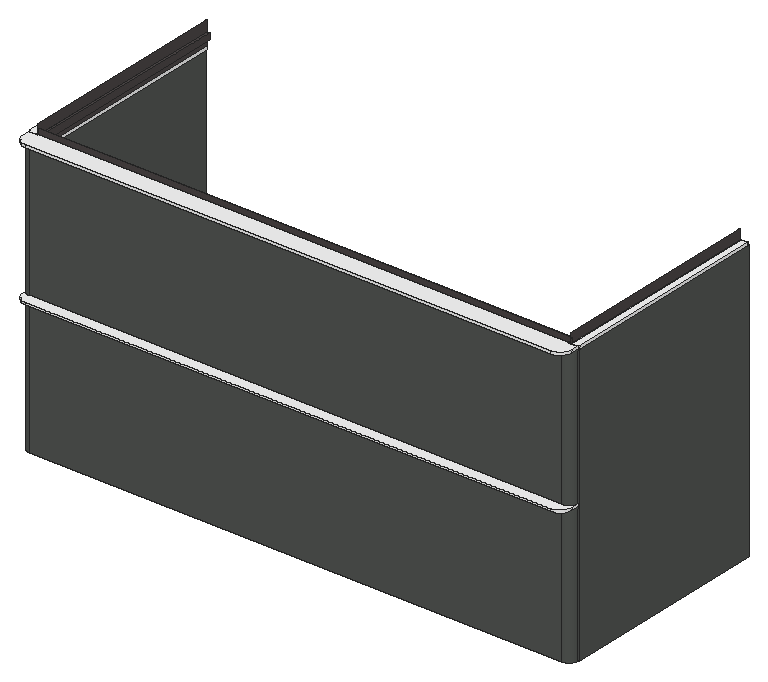
Revit family "vanity unit with 2 drawers", category Furniture, Revit 2019 (continued)
Definition of nested family "vanity unit 580_475 with 2 drawers for washbasin-54026000-dark walnut-chrome-400_content"
  Parameters (values of type "Vanity unit 580_475 with 2 drawers for washbasin-54026000-Dark Walnut-CHROME-400_Content")
    UNIFORMATII = "E2010 | Fixed Furnishings"
    UNICLASS_2015_CODE = "40_30_78_05"
    UNICLASS2015 = "Pr_40_30_78_05 | Bathroom furniture"
    SURFACE = "CHROME"
    REGIONSET = "Worldwide"
    PRODUCTURL = "https://pro.hansgrohe.com/articledetail--54026000"
    PRODUCTGROUP = "vanity unit"
    PRODUCTFAMILY = "Xelu Q"
    PERMALINK = "54026XXX"
    OMNICLASS = "23-21 19 15 33 13 | Residential Bathroom Specialty Casework"
    OBJECTTYPE = "Object (single object)"
    OBERFLAECHE = "Dark Walnut"
    NN = "Vanity Unit with 2 Drawers"
    NBSYN = "$BASENUMBER.-$ARTNR.-$OBERFLAECHE.-$SURFACE.-$LODLEVEL."
    NB = "Vanity unit 580/475 with 2 drawers for washbasin-54026000-Dark Walnut-CHROME-400"
    NAME = "Xelu Q Vanity unit Dark Walnut 580/475 with 2 drawers for washbasin"
    Model = "Vanity unit 580/475 with 2 drawers for washbasin-54026000-Dark Walnut-CHROME-400"
    Manufacturer = "Hansgrohe"
    MASTERFORMAT = "12 35 30.23 | Bathroom Casework"
    LODLEVEL = "400"
    LINA = "Vanity unit 580/475 with 2 drawers for washbasin-54026000-Dark Walnut-CHROME-400"
    L = 580
    IFC = "Furnishing element"
    GTINCODE = "4059625455579"
    ETIM = "EC011381 | Bathroom furniture set"
    Default Elevation = 1219.2 mm
    DESIGN = "Germany"
    ContentVisible [instance] = yes
    CATALOG = "Hansgrohe"
    BIMOBJECT = "Sanitary: Compound units"
    BASENUMBER = "Vanity unit 580/475 with 2 drawers for washbasin"
    ARTNR = "54026000"
  Reference planes
    plane 1 "Center (Front/Back)": y = 0
    plane 2: z = 0
    plane 3 "Center (Left/Right)": x = 0
  Forms (mm)
    Extrusion 1, solid, visible <- "ContentVisible", detail levels medium+fine
      sketch origin (0, 0, 0) x (1, 0, 0) y (0, 1, 0)
        loop
          line (-290, 0) -> (-290, -452)
          arc (-290, -452) -> (-289.121, -454.121) -> (-287, -455) r 3
          line (-287, -455) -> (-274, -455) -> (-274, 0) -> (-290, 0)
      from 0 to 600
    Extrusion 2, solid, visible <- "ContentVisible", detail levels medium+fine
      sketch origin (0, 0, 2) x (1, 0, 0) y (0, 1, 0)
        loop
          line (-274, -88) -> (-274, -455) -> (274, -455) -> (274, -88) -> (-274, -88)
      from 0 to 16
    Extrusion 3, solid, visible <- "ContentVisible", detail levels medium+fine
      sketch origin (0, 0, 0) x (1, 0, 0) y (0, 1, 0)
        loop
          line (274, 0) -> (274, -455) -> (287, -455)
          arc (287, -455) -> (289.121, -454.121) -> (290, -452) r 3
          line (290, -452) -> (290, 0) -> (274, 0)
      from 0 to 600
    Extrusion 4, solid, visible <- "ContentVisible", detail levels medium+fine
      sketch origin (0, 0, 2) x (1, 0, 0) y (0, 1, 0)
        loop
          line (-274, -72) -> (-274, -88) -> (274, -88) -> (274, -72) -> (-274, -72)
      from 0 to 126
    Extrusion 5, solid, visible <- "ContentVisible", detail levels medium+fine
      sketch origin (0, 0, 2) x (1, 0, 0) y (0, 1, 0)
        loop
          arc (-290, -457) -> (-284.435, -470.435) -> (-271, -476) r 19
          line (-271, -476) -> (271, -476)
          arc (271, -476) -> (284.435, -470.435) -> (290, -457) r 19
          line (290, -457) -> (290, -455) -> (-290, -455) -> (-290, -457)
      from 0 to 295
    Extrusion 6, solid, visible <- "ContentVisible", detail levels medium+fine
      sketch origin (0, 0, 305) x (1, 0, 0) y (0, 1, 0)
        loop
          arc (-290, -457) -> (-284.435, -470.435) -> (-271, -476) r 19
          line (-271, -476) -> (271, -476)
          arc (271, -476) -> (284.435, -470.435) -> (290, -457) r 19
          line (290, -457) -> (290, -455) -> (-290, -455) -> (-290, -457)
      from 0 to 295
    Extrusion 7, solid, visible <- "ContentVisible", detail levels medium+fine
      sketch origin (0, 0, 297) x (1, 0, 0) y (0, 1, 0)
        loop
          line (-288.5, -455) -> (-288.5, -471)
          arc (-288.5, -471) -> (-281.178, -488.678) -> (-263.5, -496) r 25
          line (-263.5, -496) -> (263.5, -496)
          arc (263.5, -496) -> (281.178, -488.678) -> (288.5, -471) r 25
          line (288.5, -471) -> (288.5, -455) -> (268.5, -455) -> (268.5, -453.5) -> (-268.5, -453.5) -> (-268.5, -455) -> (-288.5, -455)
      from 0 to 5
    Extrusion 8, solid, visible <- "ContentVisible", detail levels medium+fine
      sketch origin (0, 0, 0) x (0, 0, -1) y (0, 1, 0)
        loop
          line (-297, -453.5) -> (-297, -455) -> (-267, -455) -> (-267, -453.5) -> (-297, -453.5)
      from -268.5 to 268.5
    Extrusion 9, solid, visible <- "ContentVisible", detail levels medium+fine
      sketch origin (0, 0, 600) x (1, 0, 0) y (0, 1, 0)
        loop
          line (-288.5, -455) -> (-288.5, -471)
          arc (-288.5, -471) -> (-281.178, -488.678) -> (-263.5, -496) r 25
          line (-263.5, -496) -> (263.5, -496)
          arc (263.5, -496) -> (281.178, -488.678) -> (288.5, -471) r 25
          line (288.5, -471) -> (288.5, -455) -> (268.5, -455) -> (268.5, -453.5) -> (-268.5, -453.5) -> (-268.5, -455) -> (-288.5, -455)
      from 0 to 5
    Extrusion 10, solid, visible <- "ContentVisible", detail levels medium+fine
      sketch origin (0, 0, 0) x (0, 0, -1) y (0, 1, 0)
        loop
          line (-600, -453.5) -> (-600, -455) -> (-570, -455) -> (-570, -453.5) -> (-600, -453.5)
      from -268.5 to 268.5
    Extrusion 11, solid, visible <- "ContentVisible", detail levels medium+fine
      sketch origin (0, 0, 0) x (1, 0, 0) y (0, 0, -1)
        loop
          line (-274, -566.8) -> (-274, -605) -> (-272.5, -605) -> (-272.5, -566.8) -> (-274, -566.8)
      from -455 to 0
    Extrusion 12, solid, visible <- "ContentVisible", detail levels medium+fine
      sketch origin (0, 0, 0) x (1, 0, 0) y (0, 0, -1)
        loop
          line (272.5, -566.8) -> (272.5, -605) -> (274, -605) -> (274, -566.8) -> (272.5, -566.8)
      from -455 to 0
    Extrusion 13, solid, visible <- "ContentVisible", detail levels medium+fine
      sketch origin (0, 0, 600) x (1, 0, 0) y (0, 1, 0)
        loop
          line (-290, -3) -> (-290, -452)
          arc (-290, -452) -> (-289.121, -454.121) -> (-287, -455) r 3
          line (-287, -455) -> (-274, -455) -> (-274, 0) -> (-287, 0)
          arc (-287, 0) -> (-289.121, -0.879) -> (-290, -3) r 3
      from 0 to 5
    Extrusion 14, solid, visible <- "ContentVisible", detail levels medium+fine
      sketch origin (0, 0, 600) x (1, 0, 0) y (0, 1, 0)
        loop
          line (274, 0) -> (274, -455) -> (287, -455)
          arc (287, -455) -> (289.121, -454.121) -> (290, -452) r 3
          line (290, -452) -> (290, -3)
          arc (290, -3) -> (289.121, -0.879) -> (287, 0) r 3
          line (287, 0) -> (274, 0)
      from 0 to 5
    Extrusion 15, solid, visible <- "ContentVisible", detail levels medium+fine
      sketch origin (0, 0, 0) x (1, 0, 0) y (0, 0, -1)
        loop
          line (-272.5, -575.3) -> (-272.5, -624.5) -> (-271, -624.5) -> (-271, -602.8) -> (-266.4, -602.8) -> (-266.4, -588.3) -> (-271, -588.3) -> (-271, -575.3) -> (-272.5, -575.3)
      from -453.5 to 0
    Extrusion 16, solid, visible <- "ContentVisible", detail levels medium+fine
      sketch origin (0, 0, 0) x (1, 0, 0) y (0, 0, -1)
        loop
          line (266.4, -588.3) -> (266.4, -602.8) -> (271, -602.8) -> (271, -624.5) -> (272.5, -624.5) -> (272.5, -575.3) -> (271, -575.3) -> (271, -588.3) -> (266.4, -588.3)
      from -453.5 to 0
    Extrusion 17, solid, visible <- "ContentVisible", detail levels medium+fine
      sketch origin (0, 0, 0) x (0, 0, -1) y (0, 1, 0)
        loop
          line (-616, -453.5) -> (-567, -453.5) -> (-567, -452) -> (-588.5, -452) -> (-588.5, -447.4) -> (-603, -447.4) -> (-603, -452) -> (-616, -452) -> (-616, -453.5)
      from -272.5 to 272.5
    Extrusion 18, solid, visible <- "ContentVisible", detail levels coarse
      sketch origin (0, -248, 0) x (1, 0, 0) y (0, 1, 0)
        loop
          line (-290, -248) -> (290, -248) -> (290, 248) -> (-290, 248) -> (-290, -248)
      from 0 to 624.5
  Dimensions and locks
    aligned and locked: level to plane 2
Definition of nested family "vanity unit 580_475 with 2 drawers for washbasin-54026670-dark walnut-matt_black-200_content"
  Parameters (values of type "Vanity unit 580_475 with 2 drawers for washbasin-54026670-Dark Walnut-MATT_BLACK-200_Content")
    etim7_EC011381 = "EC011381"
    WEIGHT = "28.2"
    UNSPSC = "56 | Furniture and Furnishings"
    UNIFORMATII = "E2010 | Fixed Furnishings"
    UNICLASS_2015_CODE = "40_30_78_05"
    UNICLASS2015 = "Pr_40_30_78_05 | Bathroom furniture"
    SURFACE = "MATT_BLACK"
    REGIONSET = "Worldwide"
    PRODUCTURL = "https://pro.hansgrohe.com/articledetail--54026000"
    PRODUCTGROUP = "vanity unit"
    PRODUCTFAMILY = "Xelu Q"
    PERMALINK = "54026XXX"
    OMNICLASS = "23-21 19 15 33 13 | Residential Bathroom Specialty Casework"
    OBJECTTYPE = "Object (single object)"
    OBERFLAECHE = "Dark Walnut"
    NN = "Vanity Unit with 2 Drawers"
    NBSYN = "$BASENUMBER.-$ARTNR.-$OBERFLAECHE.-$SURFACE.-$LODLEVEL."
    NB = "Vanity unit 580/475 with 2 drawers for washbasin-54026670-Dark Walnut-MATT_BLACK-200"
    NAME = "Xelu Q Vanity unit Dark Walnut 580/475 with 2 drawers for washbasin"
    Model = "Vanity unit 580/475 with 2 drawers for washbasin-54026670-Dark Walnut-MATT_BLACK-200"
    Manufacturer = "Hansgrohe"
    MASTERFORMAT = "12 35 30.23 | Bathroom Casework"
    LODLEVEL = "200"
    LINA = "Vanity unit 580/475 with 2 drawers for washbasin-54026670-Dark Walnut-MATT_BLACK-200"
    L = 580
    IFC = "Furnishing element"
    GTINCODE = "4059625455579"
    ETIM = "EC011381 | Bathroom furniture set"
    Default Elevation = 1219.2 mm
    DESIGN = "Germany"
    ContentVisible [instance] = yes
    CATALOG = "Hansgrohe"
    BIMOBJECT = "Sanitary: Compound units"
    BASENUMBER = "Vanity unit 580/475 with 2 drawers for washbasin"
    ARTNR = "54026670"
  Reference planes
    plane 1 "Center (Front/Back)": y = 0
    plane 2: z = 0
    plane 3 "Center (Left/Right)": x = 0
  Forms (mm)
    Extrusion 1, solid, visible <- "ContentVisible", detail levels medium+fine
      sketch origin (0, 0, 0) x (1, 0, 0) y (0, 1, 0)
        loop
          line (-290, 0) -> (-290, -476) -> (290, -476) -> (290, 0) -> (274, 0) -> (274, -72) -> (-274, -72) -> (-274, 0) -> (-290, 0)
      from 0 to 600
    Extrusion 2, solid, visible <- "ContentVisible", detail levels medium+fine
      sketch origin (0, 0, 297) x (1, 0, 0) y (0, 1, 0)
        loop
          line (-288.5, -453.5) -> (-288.5, -496) -> (288.5, -496) -> (288.5, -453.5) -> (-288.5, -453.5)
      from 0 to 5
    Extrusion 3, solid, visible <- "ContentVisible", detail levels medium+fine
      sketch origin (0, 0, 600) x (1, 0, 0) y (0, 1, 0)
        loop
          line (-288.5, -453.5) -> (-288.5, -496) -> (288.5, -496) -> (288.5, -453.5) -> (-288.5, -453.5)
      from 0 to 5
    Extrusion 4, solid, visible <- "ContentVisible", detail levels medium+fine
      sketch origin (0, 0, 0) x (1, 0, 0) y (0, 0, -1)
        loop
          line (-274, -566.8) -> (-274, -605) -> (-272.5, -605) -> (-272.5, -566.8) -> (-274, -566.8)
      from -455 to 0
    Extrusion 5, solid, visible <- "ContentVisible", detail levels medium+fine
      sketch origin (0, 0, 0) x (1, 0, 0) y (0, 0, -1)
        loop
          line (272.5, -566.8) -> (272.5, -605) -> (274, -605) -> (274, -566.8) -> (272.5, -566.8)
      from -455 to 0
    Extrusion 6, solid, visible <- "ContentVisible", detail levels medium+fine
      sketch origin (0, 0, 600) x (1, 0, 0) y (0, 1, 0)
        loop
          line (-290, 0) -> (-290, -455) -> (-274, -455) -> (-274, 0) -> (-290, 0)
      from 0 to 5
    Extrusion 7, solid, visible <- "ContentVisible", detail levels medium+fine
      sketch origin (0, 0, 600) x (1, 0, 0) y (0, 1, 0)
        loop
          line (274, 0) -> (274, -455) -> (290, -455) -> (290, 0) -> (274, 0)
      from 0 to 5
    Extrusion 8, solid, visible <- "ContentVisible", detail levels medium+fine
      sketch origin (0, 0, 0) x (1, 0, 0) y (0, 0, -1)
        loop
          line (-272.5, -575.3) -> (-272.5, -624.5) -> (-266.4, -624.5) -> (-266.4, -575.3) -> (-272.5, -575.3)
      from -453.5 to 0
    Extrusion 9, solid, visible <- "ContentVisible", detail levels medium+fine
      sketch origin (0, 0, 0) x (1, 0, 0) y (0, 0, -1)
        loop
          line (266.4, -575.3) -> (266.4, -624.5) -> (272.5, -624.5) -> (272.5, -575.3) -> (266.4, -575.3)
      from -453.5 to 0
    Extrusion 10, solid, visible <- "ContentVisible", detail levels medium+fine
      sketch origin (0, 0, 0) x (0, 0, -1) y (0, 1, 0)
        loop
          line (-616, -453.5) -> (-567, -453.5) -> (-567, -447.4) -> (-616, -447.4) -> (-616, -453.5)
      from -272.5 to 272.5
    Extrusion 11, solid, visible <- "ContentVisible", detail levels coarse
      sketch origin (0, -248, 0) x (1, 0, 0) y (0, 1, 0)
        loop
          line (-290, -248) -> (290, -248) -> (290, 248) -> (-290, 248) -> (-290, -248)
      from 0 to 624.5
  Dimensions and locks
    aligned and locked: level to plane 2
Definition of nested family "vanity unit 580_475 with 2 drawers for washbasin-54026670-dark walnut-matt_black-400_content"
  Parameters (values of type "Vanity unit 580_475 with 2 drawers for washbasin-54026670-Dark Walnut-MATT_BLACK-400_Content")
    etim7_EC011381 = "EC011381"
    WEIGHT = "28.2"
    UNSPSC = "56 | Furniture and Furnishings"
    UNIFORMATII = "E2010 | Fixed Furnishings"
    UNICLASS_2015_CODE = "40_30_78_05"
    UNICLASS2015 = "Pr_40_30_78_05 | Bathroom furniture"
    SURFACE = "MATT_BLACK"
    REGIONSET = "Worldwide"
    PRODUCTURL = "https://pro.hansgrohe.com/articledetail--54026000"
    PRODUCTGROUP = "vanity unit"
    PRODUCTFAMILY = "Xelu Q"
    PERMALINK = "54026XXX"
    OMNICLASS = "23-21 19 15 33 13 | Residential Bathroom Specialty Casework"
    OBJECTTYPE = "Object (single object)"
    OBERFLAECHE = "Dark Walnut"
    NN = "Vanity Unit with 2 Drawers"
    NBSYN = "$BASENUMBER.-$ARTNR.-$OBERFLAECHE.-$SURFACE.-$LODLEVEL."
    NB = "Vanity unit 580/475 with 2 drawers for washbasin-54026670-Dark Walnut-MATT_BLACK-400"
    NAME = "Xelu Q Vanity unit Dark Walnut 580/475 with 2 drawers for washbasin"
    Model = "Vanity unit 580/475 with 2 drawers for washbasin-54026670-Dark Walnut-MATT_BLACK-400"
    Manufacturer = "Hansgrohe"
    MASTERFORMAT = "12 35 30.23 | Bathroom Casework"
    LODLEVEL = "400"
    LINA = "Vanity unit 580/475 with 2 drawers for washbasin-54026670-Dark Walnut-MATT_BLACK-400"
    L = 580
    IFC = "Furnishing element"
    GTINCODE = "4059625455579"
    ETIM = "EC011381 | Bathroom furniture set"
    Default Elevation = 1219.2 mm
    DESIGN = "Germany"
    ContentVisible [instance] = yes
    CATALOG = "Hansgrohe"
    BIMOBJECT = "Sanitary: Compound units"
    BASENUMBER = "Vanity unit 580/475 with 2 drawers for washbasin"
    ARTNR = "54026670"
  Reference planes
    plane 1 "Center (Front/Back)": y = 0
    plane 2: z = 0
    plane 3 "Center (Left/Right)": x = 0
  Forms (mm)
    Extrusion 1, solid, visible <- "ContentVisible", detail levels medium+fine
      sketch origin (0, 0, 0) x (1, 0, 0) y (0, 1, 0)
        loop
          line (-290, 0) -> (-290, -452)
          arc (-290, -452) -> (-289.121, -454.121) -> (-287, -455) r 3
          line (-287, -455) -> (-274, -455) -> (-274, 0) -> (-290, 0)
      from 0 to 600
    Extrusion 2, solid, visible <- "ContentVisible", detail levels medium+fine
      sketch origin (0, 0, 2) x (1, 0, 0) y (0, 1, 0)
        loop
          line (-274, -88) -> (-274, -455) -> (274, -455) -> (274, -88) -> (-274, -88)
      from 0 to 16
    Extrusion 3, solid, visible <- "ContentVisible", detail levels medium+fine
      sketch origin (0, 0, 0) x (1, 0, 0) y (0, 1, 0)
        loop
          line (274, 0) -> (274, -455) -> (287, -455)
          arc (287, -455) -> (289.121, -454.121) -> (290, -452) r 3
          line (290, -452) -> (290, 0) -> (274, 0)
      from 0 to 600
    Extrusion 4, solid, visible <- "ContentVisible", detail levels medium+fine
      sketch origin (0, 0, 2) x (1, 0, 0) y (0, 1, 0)
        loop
          line (-274, -72) -> (-274, -88) -> (274, -88) -> (274, -72) -> (-274, -72)
      from 0 to 126
    Extrusion 5, solid, visible <- "ContentVisible", detail levels medium+fine
      sketch origin (0, 0, 2) x (1, 0, 0) y (0, 1, 0)
        loop
          arc (-290, -457) -> (-284.435, -470.435) -> (-271, -476) r 19
          line (-271, -476) -> (271, -476)
          arc (271, -476) -> (284.435, -470.435) -> (290, -457) r 19
          line (290, -457) -> (290, -455) -> (-290, -455) -> (-290, -457)
      from 0 to 295
    Extrusion 6, solid, visible <- "ContentVisible", detail levels medium+fine
      sketch origin (0, 0, 305) x (1, 0, 0) y (0, 1, 0)
        loop
          arc (-290, -457) -> (-284.435, -470.435) -> (-271, -476) r 19
          line (-271, -476) -> (271, -476)
          arc (271, -476) -> (284.435, -470.435) -> (290, -457) r 19
          line (290, -457) -> (290, -455) -> (-290, -455) -> (-290, -457)
      from 0 to 295
    Extrusion 7, solid, visible <- "ContentVisible", detail levels medium+fine
      sketch origin (0, 0, 297) x (1, 0, 0) y (0, 1, 0)
        loop
          line (-288.5, -455) -> (-288.5, -471)
          arc (-288.5, -471) -> (-281.178, -488.678) -> (-263.5, -496) r 25
          line (-263.5, -496) -> (263.5, -496)
          arc (263.5, -496) -> (281.178, -488.678) -> (288.5, -471) r 25
          line (288.5, -471) -> (288.5, -455) -> (268.5, -455) -> (268.5, -453.5) -> (-268.5, -453.5) -> (-268.5, -455) -> (-288.5, -455)
      from 0 to 5
    Extrusion 8, solid, visible <- "ContentVisible", detail levels medium+fine
      sketch origin (0, 0, 0) x (0, 0, -1) y (0, 1, 0)
        loop
          line (-297, -453.5) -> (-297, -455) -> (-267, -455) -> (-267, -453.5) -> (-297, -453.5)
      from -268.5 to 268.5
    Extrusion 9, solid, visible <- "ContentVisible", detail levels medium+fine
      sketch origin (0, 0, 600) x (1, 0, 0) y (0, 1, 0)
        loop
          line (-288.5, -455) -> (-288.5, -471)
          arc (-288.5, -471) -> (-281.178, -488.678) -> (-263.5, -496) r 25
          line (-263.5, -496) -> (263.5, -496)
          arc (263.5, -496) -> (281.178, -488.678) -> (288.5, -471) r 25
          line (288.5, -471) -> (288.5, -455) -> (268.5, -455) -> (268.5, -453.5) -> (-268.5, -453.5) -> (-268.5, -455) -> (-288.5, -455)
      from 0 to 5
    Extrusion 10, solid, visible <- "ContentVisible", detail levels medium+fine
      sketch origin (0, 0, 0) x (0, 0, -1) y (0, 1, 0)
        loop
          line (-600, -453.5) -> (-600, -455) -> (-570, -455) -> (-570, -453.5) -> (-600, -453.5)
      from -268.5 to 268.5
    Extrusion 11, solid, visible <- "ContentVisible", detail levels medium+fine
      sketch origin (0, 0, 0) x (1, 0, 0) y (0, 0, -1)
        loop
          line (-274, -566.8) -> (-274, -605) -> (-272.5, -605) -> (-272.5, -566.8) -> (-274, -566.8)
      from -455 to 0
    Extrusion 12, solid, visible <- "ContentVisible", detail levels medium+fine
      sketch origin (0, 0, 0) x (1, 0, 0) y (0, 0, -1)
        loop
          line (272.5, -566.8) -> (272.5, -605) -> (274, -605) -> (274, -566.8) -> (272.5, -566.8)
      from -455 to 0
    Extrusion 13, solid, visible <- "ContentVisible", detail levels medium+fine
      sketch origin (0, 0, 600) x (1, 0, 0) y (0, 1, 0)
        loop
          line (-290, -3) -> (-290, -452)
          arc (-290, -452) -> (-289.121, -454.121) -> (-287, -455) r 3
          line (-287, -455) -> (-274, -455) -> (-274, 0) -> (-287, 0)
          arc (-287, 0) -> (-289.121, -0.879) -> (-290, -3) r 3
      from 0 to 5
    Extrusion 14, solid, visible <- "ContentVisible", detail levels medium+fine
      sketch origin (0, 0, 600) x (1, 0, 0) y (0, 1, 0)
        loop
          line (274, 0) -> (274, -455) -> (287, -455)
          arc (287, -455) -> (289.121, -454.121) -> (290, -452) r 3
          line (290, -452) -> (290, -3)
          arc (290, -3) -> (289.121, -0.879) -> (287, 0) r 3
          line (287, 0) -> (274, 0)
      from 0 to 5
    Extrusion 15, solid, visible <- "ContentVisible", detail levels medium+fine
      sketch origin (0, 0, 0) x (1, 0, 0) y (0, 0, -1)
        loop
          line (-272.5, -575.3) -> (-272.5, -624.5) -> (-271, -624.5) -> (-271, -602.8) -> (-266.4, -602.8) -> (-266.4, -588.3) -> (-271, -588.3) -> (-271, -575.3) -> (-272.5, -575.3)
      from -453.5 to 0
    Extrusion 16, solid, visible <- "ContentVisible", detail levels medium+fine
      sketch origin (0, 0, 0) x (1, 0, 0) y (0, 0, -1)
        loop
          line (266.4, -588.3) -> (266.4, -602.8) -> (271, -602.8) -> (271, -624.5) -> (272.5, -624.5) -> (272.5, -575.3) -> (271, -575.3) -> (271, -588.3) -> (266.4, -588.3)
      from -453.5 to 0
    Extrusion 17, solid, visible <- "ContentVisible", detail levels medium+fine
      sketch origin (0, 0, 0) x (0, 0, -1) y (0, 1, 0)
        loop
          line (-616, -453.5) -> (-567, -453.5) -> (-567, -452) -> (-588.5, -452) -> (-588.5, -447.4) -> (-603, -447.4) -> (-603, -452) -> (-616, -452) -> (-616, -453.5)
      from -272.5 to 272.5
    Extrusion 18, solid, visible <- "ContentVisible", detail levels coarse
      sketch origin (0, -248, 0) x (1, 0, 0) y (0, 1, 0)
        loop
          line (-290, -248) -> (290, -248) -> (290, 248) -> (-290, 248) -> (-290, -248)
      from 0 to 624.5
  Dimensions and locks
    aligned and locked: level to plane 2
Definition of nested family "vanity unit 580_475 with 2 drawers for washbasin-54026700-dark walnut-matt_white-200_content"
  Parameters (values of type "Vanity unit 580_475 with 2 drawers for washbasin-54026700-Dark Walnut-MATT_WHITE-200_Content")
    etim7_EC011381 = "EC011381"
    WEIGHT = "28.2"
    UNSPSC = "56 | Furniture and Furnishings"
    UNIFORMATII = "E2010 | Fixed Furnishings"
    UNICLASS_2015_CODE = "40_30_78_05"
    UNICLASS2015 = "Pr_40_30_78_05 | Bathroom furniture"
    SURFACE = "MATT_WHITE"
    REGIONSET = "Worldwide"
    PRODUCTURL = "https://pro.hansgrohe.com/articledetail--54026000"
    PRODUCTGROUP = "vanity unit"
    PRODUCTFAMILY = "Xelu Q"
    PERMALINK = "54026XXX"
    OMNICLASS = "23-21 19 15 33 13 | Residential Bathroom Specialty Casework"
    OBJECTTYPE = "Object (single object)"
    OBERFLAECHE = "Dark Walnut"
    NN = "Vanity Unit with 2 Drawers"
    NBSYN = "$BASENUMBER.-$ARTNR.-$OBERFLAECHE.-$SURFACE.-$LODLEVEL."
    NB = "Vanity unit 580/475 with 2 drawers for washbasin-54026700-Dark Walnut-MATT_WHITE-200"
    NAME = "Xelu Q Vanity unit Dark Walnut 580/475 with 2 drawers for washbasin"
    Model = "Vanity unit 580/475 with 2 drawers for washbasin-54026700-Dark Walnut-MATT_WHITE-200"
    Manufacturer = "Hansgrohe"
    MASTERFORMAT = "12 35 30.23 | Bathroom Casework"
    LODLEVEL = "200"
    LINA = "Vanity unit 580/475 with 2 drawers for washbasin-54026700-Dark Walnut-MATT_WHITE-200"
    L = 580
    IFC = "Furnishing element"
    GTINCODE = "4059625455579"
    ETIM = "EC011381 | Bathroom furniture set"
    Default Elevation = 1219.2 mm
    DESIGN = "Germany"
    ContentVisible [instance] = yes
    CATALOG = "Hansgrohe"
    BIMOBJECT = "Sanitary: Compound units"
    BASENUMBER = "Vanity unit 580/475 with 2 drawers for washbasin"
    ARTNR = "54026700"
  Reference planes
    plane 1 "Center (Front/Back)": y = 0
    plane 2: z = 0
    plane 3 "Center (Left/Right)": x = 0
  Forms (mm)
    Extrusion 1, solid, visible <- "ContentVisible", detail levels medium+fine
      sketch origin (0, 0, 0) x (1, 0, 0) y (0, 1, 0)
        loop
          line (-290, 0) -> (-290, -476) -> (290, -476) -> (290, 0) -> (274, 0) -> (274, -72) -> (-274, -72) -> (-274, 0) -> (-290, 0)
      from 0 to 600
    Extrusion 2, solid, visible <- "ContentVisible", detail levels medium+fine
      sketch origin (0, 0, 297) x (1, 0, 0) y (0, 1, 0)
        loop
          line (-288.5, -453.5) -> (-288.5, -496) -> (288.5, -496) -> (288.5, -453.5) -> (-288.5, -453.5)
      from 0 to 5
    Extrusion 3, solid, visible <- "ContentVisible", detail levels medium+fine
      sketch origin (0, 0, 600) x (1, 0, 0) y (0, 1, 0)
        loop
          line (-288.5, -453.5) -> (-288.5, -496) -> (288.5, -496) -> (288.5, -453.5) -> (-288.5, -453.5)
      from 0 to 5
    Extrusion 4, solid, visible <- "ContentVisible", detail levels medium+fine
      sketch origin (0, 0, 0) x (1, 0, 0) y (0, 0, -1)
        loop
          line (-274, -566.8) -> (-274, -605) -> (-272.5, -605) -> (-272.5, -566.8) -> (-274, -566.8)
      from -455 to 0
    Extrusion 5, solid, visible <- "ContentVisible", detail levels medium+fine
      sketch origin (0, 0, 0) x (1, 0, 0) y (0, 0, -1)
        loop
          line (272.5, -566.8) -> (272.5, -605) -> (274, -605) -> (274, -566.8) -> (272.5, -566.8)
      from -455 to 0
    Extrusion 6, solid, visible <- "ContentVisible", detail levels medium+fine
      sketch origin (0, 0, 600) x (1, 0, 0) y (0, 1, 0)
        loop
          line (-290, 0) -> (-290, -455) -> (-274, -455) -> (-274, 0) -> (-290, 0)
      from 0 to 5
    Extrusion 7, solid, visible <- "ContentVisible", detail levels medium+fine
      sketch origin (0, 0, 600) x (1, 0, 0) y (0, 1, 0)
        loop
          line (274, 0) -> (274, -455) -> (290, -455) -> (290, 0) -> (274, 0)
      from 0 to 5
    Extrusion 8, solid, visible <- "ContentVisible", detail levels medium+fine
      sketch origin (0, 0, 0) x (1, 0, 0) y (0, 0, -1)
        loop
          line (-272.5, -575.3) -> (-272.5, -624.5) -> (-266.4, -624.5) -> (-266.4, -575.3) -> (-272.5, -575.3)
      from -453.5 to 0
    Extrusion 9, solid, visible <- "ContentVisible", detail levels medium+fine
      sketch origin (0, 0, 0) x (1, 0, 0) y (0, 0, -1)
        loop
          line (266.4, -575.3) -> (266.4, -624.5) -> (272.5, -624.5) -> (272.5, -575.3) -> (266.4, -575.3)
      from -453.5 to 0
    Extrusion 10, solid, visible <- "ContentVisible", detail levels medium+fine
      sketch origin (0, 0, 0) x (0, 0, -1) y (0, 1, 0)
        loop
          line (-616, -453.5) -> (-567, -453.5) -> (-567, -447.4) -> (-616, -447.4) -> (-616, -453.5)
      from -272.5 to 272.5
    Extrusion 11, solid, visible <- "ContentVisible", detail levels coarse
      sketch origin (0, -248, 0) x (1, 0, 0) y (0, 1, 0)
        loop
          line (-290, -248) -> (290, -248) -> (290, 248) -> (-290, 248) -> (-290, -248)
      from 0 to 624.5
  Dimensions and locks
    aligned and locked: level to plane 2
Definition of nested family "vanity unit 580_475 with 2 drawers for washbasin-54026700-dark walnut-matt_white-400_content"
  Parameters (values of type "Vanity unit 580_475 with 2 drawers for washbasin-54026700-Dark Walnut-MATT_WHITE-400_Content")
    etim7_EC011381 = "EC011381"
    WEIGHT = "28.2"
    UNSPSC = "56 | Furniture and Furnishings"
    UNIFORMATII = "E2010 | Fixed Furnishings"
    UNICLASS_2015_CODE = "40_30_78_05"
    UNICLASS2015 = "Pr_40_30_78_05 | Bathroom furniture"
    SURFACE = "MATT_WHITE"
    REGIONSET = "Worldwide"
    PRODUCTURL = "https://pro.hansgrohe.com/articledetail--54026000"
    PRODUCTGROUP = "vanity unit"
    PRODUCTFAMILY = "Xelu Q"
    PERMALINK = "54026XXX"
    OMNICLASS = "23-21 19 15 33 13 | Residential Bathroom Specialty Casework"
    OBJECTTYPE = "Object (single object)"
    OBERFLAECHE = "Dark Walnut"
    NN = "Vanity Unit with 2 Drawers"
    NBSYN = "$BASENUMBER.-$ARTNR.-$OBERFLAECHE.-$SURFACE.-$LODLEVEL."
    NB = "Vanity unit 580/475 with 2 drawers for washbasin-54026700-Dark Walnut-MATT_WHITE-400"
    NAME = "Xelu Q Vanity unit Dark Walnut 580/475 with 2 drawers for washbasin"
    Model = "Vanity unit 580/475 with 2 drawers for washbasin-54026700-Dark Walnut-MATT_WHITE-400"
    Manufacturer = "Hansgrohe"
    MASTERFORMAT = "12 35 30.23 | Bathroom Casework"
    LODLEVEL = "400"
    LINA = "Vanity unit 580/475 with 2 drawers for washbasin-54026700-Dark Walnut-MATT_WHITE-400"
    L = 580
    IFC = "Furnishing element"
    GTINCODE = "4059625455579"
    ETIM = "EC011381 | Bathroom furniture set"
    Default Elevation = 1219.2 mm
    DESIGN = "Germany"
    ContentVisible [instance] = yes
    CATALOG = "Hansgrohe"
    BIMOBJECT = "Sanitary: Compound units"
    BASENUMBER = "Vanity unit 580/475 with 2 drawers for washbasin"
    ARTNR = "54026700"
  Reference planes
    plane 1 "Center (Front/Back)": y = 0
    plane 2: z = 0
    plane 3 "Center (Left/Right)": x = 0
  Forms (mm)
    Extrusion 1, solid, visible <- "ContentVisible", detail levels medium+fine
      sketch origin (0, 0, 0) x (1, 0, 0) y (0, 1, 0)
        loop
          line (-290, 0) -> (-290, -452)
          arc (-290, -452) -> (-289.121, -454.121) -> (-287, -455) r 3
          line (-287, -455) -> (-274, -455) -> (-274, 0) -> (-290, 0)
      from 0 to 600
    Extrusion 2, solid, visible <- "ContentVisible", detail levels medium+fine
      sketch origin (0, 0, 2) x (1, 0, 0) y (0, 1, 0)
        loop
          line (-274, -88) -> (-274, -455) -> (274, -455) -> (274, -88) -> (-274, -88)
      from 0 to 16
    Extrusion 3, solid, visible <- "ContentVisible", detail levels medium+fine
      sketch origin (0, 0, 0) x (1, 0, 0) y (0, 1, 0)
        loop
          line (274, 0) -> (274, -455) -> (287, -455)
          arc (287, -455) -> (289.121, -454.121) -> (290, -452) r 3
          line (290, -452) -> (290, 0) -> (274, 0)
      from 0 to 600
    Extrusion 4, solid, visible <- "ContentVisible", detail levels medium+fine
      sketch origin (0, 0, 2) x (1, 0, 0) y (0, 1, 0)
        loop
          line (-274, -72) -> (-274, -88) -> (274, -88) -> (274, -72) -> (-274, -72)
      from 0 to 126
    Extrusion 5, solid, visible <- "ContentVisible", detail levels medium+fine
      sketch origin (0, 0, 2) x (1, 0, 0) y (0, 1, 0)
        loop
          arc (-290, -457) -> (-284.435, -470.435) -> (-271, -476) r 19
          line (-271, -476) -> (271, -476)
          arc (271, -476) -> (284.435, -470.435) -> (290, -457) r 19
          line (290, -457) -> (290, -455) -> (-290, -455) -> (-290, -457)
      from 0 to 295
    Extrusion 6, solid, visible <- "ContentVisible", detail levels medium+fine
      sketch origin (0, 0, 305) x (1, 0, 0) y (0, 1, 0)
        loop
          arc (-290, -457) -> (-284.435, -470.435) -> (-271, -476) r 19
          line (-271, -476) -> (271, -476)
          arc (271, -476) -> (284.435, -470.435) -> (290, -457) r 19
          line (290, -457) -> (290, -455) -> (-290, -455) -> (-290, -457)
      from 0 to 295
    Extrusion 7, solid, visible <- "ContentVisible", detail levels medium+fine
      sketch origin (0, 0, 297) x (1, 0, 0) y (0, 1, 0)
        loop
          line (-288.5, -455) -> (-288.5, -471)
          arc (-288.5, -471) -> (-281.178, -488.678) -> (-263.5, -496) r 25
          line (-263.5, -496) -> (263.5, -496)
          arc (263.5, -496) -> (281.178, -488.678) -> (288.5, -471) r 25
          line (288.5, -471) -> (288.5, -455) -> (268.5, -455) -> (268.5, -453.5) -> (-268.5, -453.5) -> (-268.5, -455) -> (-288.5, -455)
      from 0 to 5
    Extrusion 8, solid, visible <- "ContentVisible", detail levels medium+fine
      sketch origin (0, 0, 0) x (0, 0, -1) y (0, 1, 0)
        loop
          line (-297, -453.5) -> (-297, -455) -> (-267, -455) -> (-267, -453.5) -> (-297, -453.5)
      from -268.5 to 268.5
    Extrusion 9, solid, visible <- "ContentVisible", detail levels medium+fine
      sketch origin (0, 0, 600) x (1, 0, 0) y (0, 1, 0)
        loop
          line (-288.5, -455) -> (-288.5, -471)
          arc (-288.5, -471) -> (-281.178, -488.678) -> (-263.5, -496) r 25
          line (-263.5, -496) -> (263.5, -496)
          arc (263.5, -496) -> (281.178, -488.678) -> (288.5, -471) r 25
          line (288.5, -471) -> (288.5, -455) -> (268.5, -455) -> (268.5, -453.5) -> (-268.5, -453.5) -> (-268.5, -455) -> (-288.5, -455)
      from 0 to 5
    Extrusion 10, solid, visible <- "ContentVisible", detail levels medium+fine
      sketch origin (0, 0, 0) x (0, 0, -1) y (0, 1, 0)
        loop
          line (-600, -453.5) -> (-600, -455) -> (-570, -455) -> (-570, -453.5) -> (-600, -453.5)
      from -268.5 to 268.5
    Extrusion 11, solid, visible <- "ContentVisible", detail levels medium+fine
      sketch origin (0, 0, 0) x (1, 0, 0) y (0, 0, -1)
        loop
          line (-274, -566.8) -> (-274, -605) -> (-272.5, -605) -> (-272.5, -566.8) -> (-274, -566.8)
      from -455 to 0
    Extrusion 12, solid, visible <- "ContentVisible", detail levels medium+fine
      sketch origin (0, 0, 0) x (1, 0, 0) y (0, 0, -1)
        loop
          line (272.5, -566.8) -> (272.5, -605) -> (274, -605) -> (274, -566.8) -> (272.5, -566.8)
      from -455 to 0
    Extrusion 13, solid, visible <- "ContentVisible", detail levels medium+fine
      sketch origin (0, 0, 600) x (1, 0, 0) y (0, 1, 0)
        loop
          line (-290, -3) -> (-290, -452)
          arc (-290, -452) -> (-289.121, -454.121) -> (-287, -455) r 3
          line (-287, -455) -> (-274, -455) -> (-274, 0) -> (-287, 0)
          arc (-287, 0) -> (-289.121, -0.879) -> (-290, -3) r 3
      from 0 to 5
    Extrusion 14, solid, visible <- "ContentVisible", detail levels medium+fine
      sketch origin (0, 0, 600) x (1, 0, 0) y (0, 1, 0)
        loop
          line (274, 0) -> (274, -455) -> (287, -455)
          arc (287, -455) -> (289.121, -454.121) -> (290, -452) r 3
          line (290, -452) -> (290, -3)
          arc (290, -3) -> (289.121, -0.879) -> (287, 0) r 3
          line (287, 0) -> (274, 0)
      from 0 to 5
    Extrusion 15, solid, visible <- "ContentVisible", detail levels medium+fine
      sketch origin (0, 0, 0) x (1, 0, 0) y (0, 0, -1)
        loop
          line (-272.5, -575.3) -> (-272.5, -624.5) -> (-271, -624.5) -> (-271, -602.8) -> (-266.4, -602.8) -> (-266.4, -588.3) -> (-271, -588.3) -> (-271, -575.3) -> (-272.5, -575.3)
      from -453.5 to 0
    Extrusion 16, solid, visible <- "ContentVisible", detail levels medium+fine
      sketch origin (0, 0, 0) x (1, 0, 0) y (0, 0, -1)
        loop
          line (266.4, -588.3) -> (266.4, -602.8) -> (271, -602.8) -> (271, -624.5) -> (272.5, -624.5) -> (272.5, -575.3) -> (271, -575.3) -> (271, -588.3) -> (266.4, -588.3)
      from -453.5 to 0
    Extrusion 17, solid, visible <- "ContentVisible", detail levels medium+fine
      sketch origin (0, 0, 0) x (0, 0, -1) y (0, 1, 0)
        loop
          line (-616, -453.5) -> (-567, -453.5) -> (-567, -452) -> (-588.5, -452) -> (-588.5, -447.4) -> (-603, -447.4) -> (-603, -452) -> (-616, -452) -> (-616, -453.5)
      from -272.5 to 272.5
    Extrusion 18, solid, visible <- "ContentVisible", detail levels coarse
      sketch origin (0, -248, 0) x (1, 0, 0) y (0, 1, 0)
        loop
          line (-290, -248) -> (290, -248) -> (290, 248) -> (-290, 248) -> (-290, -248)
      from 0 to 624.5
  Dimensions and locks
    aligned and locked: level to plane 2
Definition of nested family "vanity unit 780_475 with 2 drawers for washbasin-54027000-high gloss white-chrome-200_content"
  Parameters (values of type "Vanity unit 780_475 with 2 drawers for washbasin-54027000-High Gloss White-CHROME-200_Content")
    etim7_EC011381 = "EC011381"
    WEIGHT = "33.3"
    UNSPSC = "56 | Furniture and Furnishings"
    UNIFORMATII = "E2010 | Fixed Furnishings"
    UNICLASS_2015_CODE = "40_30_78_05"
    UNICLASS2015 = "Pr_40_30_78_05 | Bathroom furniture"
    SURFACE = "CHROME"
    REGIONSET = "Worldwide"
    PRODUCTURL = "https://pro.hansgrohe.com/articledetail--54027000"
    PRODUCTGROUP = "vanity unit"
    PRODUCTFAMILY = "Xelu Q"
    PERMALINK = "54027XXX"
    OMNICLASS = "23-21 19 15 33 13 | Residential Bathroom Specialty Casework"
    OBJECTTYPE = "Object (single object)"
    OBERFLAECHE = "High Gloss White"
    NN = "Vanity Unit with 2 Drawers"
    NBSYN = "$BASENUMBER.-$ARTNR.-$OBERFLAECHE.-$SURFACE.-$LODLEVEL."
    NB = "Vanity unit 780/475 with 2 drawers for washbasin-54027000-High Gloss White-CHROME-200"
    NAME = "Xelu Q Vanity unit High Gloss White 780/475 with 2 drawers for washbasin"
    Model = "Vanity unit 780/475 with 2 drawers for washbasin-54027000-High Gloss White-CHROME-200"
    Manufacturer = "Hansgrohe"
    MASTERFORMAT = "12 35 30.23 | Bathroom Casework"
    LODLEVEL = "200"
    LINA = "Vanity unit 780/475 with 2 drawers for washbasin-54027000-High Gloss White-CHROME-200"
    L = 780
    IFC = "Furnishing element"
    GTINCODE = "4059625455548"
    ETIM = "EC011381 | Bathroom furniture set"
    Default Elevation = 1219.2 mm
    DESIGN = "Germany"
    ContentVisible [instance] = yes
    CATALOG = "Hansgrohe"
    BIMOBJECT = "Sanitary: Compound units"
    BASENUMBER = "Vanity unit 780/475 with 2 drawers for washbasin"
    ARTNR = "54027000"
  Reference planes
    plane 1 "Center (Front/Back)": y = 0
    plane 2: z = 0
    plane 3 "Center (Left/Right)": x = 0
  Forms (mm)
    Extrusion 1, solid, visible <- "ContentVisible", detail levels medium+fine
      sketch origin (0, 0, 0) x (1, 0, 0) y (0, 1, 0)
        loop
          line (-390, 0) -> (-390, -476) -> (390, -476) -> (390, 0) -> (374, 0) -> (374, -72) -> (-374, -72) -> (-374, 0) -> (-390, 0)
      from 0 to 600
    Extrusion 2, solid, visible <- "ContentVisible", detail levels medium+fine
      sketch origin (0, 0, 297) x (1, 0, 0) y (0, 1, 0)
        loop
          line (-388.5, -453.5) -> (-388.5, -496) -> (388.5, -496) -> (388.5, -453.5) -> (-388.5, -453.5)
      from 0 to 5
    Extrusion 3, solid, visible <- "ContentVisible", detail levels medium+fine
      sketch origin (0, 0, 600) x (1, 0, 0) y (0, 1, 0)
        loop
          line (-388.5, -453.5) -> (-388.5, -496) -> (388.5, -496) -> (388.5, -453.5) -> (-388.5, -453.5)
      from 0 to 5
    Extrusion 4, solid, visible <- "ContentVisible", detail levels medium+fine
      sketch origin (0, 0, 0) x (1, 0, 0) y (0, 0, -1)
        loop
          line (-374, -566.8) -> (-374, -605) -> (-372.5, -605) -> (-372.5, -566.8) -> (-374, -566.8)
      from -455 to 0
    Extrusion 5, solid, visible <- "ContentVisible", detail levels medium+fine
      sketch origin (0, 0, 0) x (1, 0, 0) y (0, 0, -1)
        loop
          line (372.5, -566.8) -> (372.5, -605) -> (374, -605) -> (374, -566.8) -> (372.5, -566.8)
      from -455 to 0
    Extrusion 6, solid, visible <- "ContentVisible", detail levels medium+fine
      sketch origin (0, 0, 600) x (1, 0, 0) y (0, 1, 0)
        loop
          line (-390, 0) -> (-390, -455) -> (-374, -455) -> (-374, 0) -> (-390, 0)
      from 0 to 5
    Extrusion 7, solid, visible <- "ContentVisible", detail levels medium+fine
      sketch origin (0, 0, 600) x (1, 0, 0) y (0, 1, 0)
        loop
          line (374, 0) -> (374, -455) -> (390, -455) -> (390, 0) -> (374, 0)
      from 0 to 5
    Extrusion 8, solid, visible <- "ContentVisible", detail levels medium+fine
      sketch origin (0, 0, 0) x (1, 0, 0) y (0, 0, -1)
        loop
          line (-372.5, -575.3) -> (-372.5, -624.5) -> (-366.4, -624.5) -> (-366.4, -575.3) -> (-372.5, -575.3)
      from -453.5 to 0
    Extrusion 9, solid, visible <- "ContentVisible", detail levels medium+fine
      sketch origin (0, 0, 0) x (1, 0, 0) y (0, 0, -1)
        loop
          line (366.4, -575.3) -> (366.4, -624.5) -> (372.5, -624.5) -> (372.5, -575.3) -> (366.4, -575.3)
      from -453.5 to 0
    Extrusion 10, solid, visible <- "ContentVisible", detail levels medium+fine
      sketch origin (0, 0, 0) x (0, 0, -1) y (0, 1, 0)
        loop
          line (-616, -453.5) -> (-567, -453.5) -> (-567, -447.4) -> (-616, -447.4) -> (-616, -453.5)
      from -372.5 to 372.5
    Extrusion 11, solid, visible <- "ContentVisible", detail levels coarse
      sketch origin (0, -248, 0) x (1, 0, 0) y (0, 1, 0)
        loop
          line (-390, -248) -> (390, -248) -> (390, 248) -> (-390, 248) -> (-390, -248)
      from 0 to 624.5
  Dimensions and locks
    aligned and locked: level to plane 2
Definition of nested family "vanity unit 780_475 with 2 drawers for washbasin-54027000-high gloss white-chrome-400_content"
  Parameters (values of type "Vanity unit 780_475 with 2 drawers for washbasin-54027000-High Gloss White-CHROME-400_Content")
    etim7_EC011381 = "EC011381"
    WEIGHT = "33.3"
    UNSPSC = "56 | Furniture and Furnishings"
    UNIFORMATII = "E2010 | Fixed Furnishings"
    UNICLASS_2015_CODE = "40_30_78_05"
    UNICLASS2015 = "Pr_40_30_78_05 | Bathroom furniture"
    SURFACE = "CHROME"
    REGIONSET = "Worldwide"
    PRODUCTURL = "https://pro.hansgrohe.com/articledetail--54027000"
    PRODUCTGROUP = "vanity unit"
    PRODUCTFAMILY = "Xelu Q"
    PERMALINK = "54027XXX"
    OMNICLASS = "23-21 19 15 33 13 | Residential Bathroom Specialty Casework"
    OBJECTTYPE = "Object (single object)"
    OBERFLAECHE = "High Gloss White"
    NN = "Vanity Unit with 2 Drawers"
    NBSYN = "$BASENUMBER.-$ARTNR.-$OBERFLAECHE.-$SURFACE.-$LODLEVEL."
    NB = "Vanity unit 780/475 with 2 drawers for washbasin-54027000-High Gloss White-CHROME-400"
    NAME = "Xelu Q Vanity unit High Gloss White 780/475 with 2 drawers for washbasin"
    Model = "Vanity unit 780/475 with 2 drawers for washbasin-54027000-High Gloss White-CHROME-400"
    Manufacturer = "Hansgrohe"
    MASTERFORMAT = "12 35 30.23 | Bathroom Casework"
    LODLEVEL = "400"
    LINA = "Vanity unit 780/475 with 2 drawers for washbasin-54027000-High Gloss White-CHROME-400"
    L = 780
    IFC = "Furnishing element"
    GTINCODE = "4059625455548"
    ETIM = "EC011381 | Bathroom furniture set"
    Default Elevation = 1219.2 mm
    DESIGN = "Germany"
    ContentVisible [instance] = yes
    CATALOG = "Hansgrohe"
    BIMOBJECT = "Sanitary: Compound units"
    BASENUMBER = "Vanity unit 780/475 with 2 drawers for washbasin"
    ARTNR = "54027000"
  Reference planes
    plane 1 "Center (Front/Back)": y = 0
    plane 2: z = 0
    plane 3 "Center (Left/Right)": x = 0
  Forms (mm)
    Extrusion 1, solid, visible <- "ContentVisible", detail levels medium+fine
      sketch origin (0, 0, 0) x (1, 0, 0) y (0, 1, 0)
        loop
          line (-390, 0) -> (-390, -452)
          arc (-390, -452) -> (-389.121, -454.121) -> (-387, -455) r 3
          line (-387, -455) -> (-374, -455) -> (-374, 0) -> (-390, 0)
      from 0 to 600
    Extrusion 2, solid, visible <- "ContentVisible", detail levels medium+fine
      sketch origin (0, 0, 2) x (1, 0, 0) y (0, 1, 0)
        loop
          line (-374, -88) -> (-374, -455) -> (374, -455) -> (374, -88) -> (-374, -88)
      from 0 to 16
    Extrusion 3, solid, visible <- "ContentVisible", detail levels medium+fine
      sketch origin (0, 0, 0) x (1, 0, 0) y (0, 1, 0)
        loop
          line (374, 0) -> (374, -455) -> (387, -455)
          arc (387, -455) -> (389.121, -454.121) -> (390, -452) r 3
          line (390, -452) -> (390, 0) -> (374, 0)
      from 0 to 600
    Extrusion 4, solid, visible <- "ContentVisible", detail levels medium+fine
      sketch origin (0, 0, 2) x (1, 0, 0) y (0, 1, 0)
        loop
          line (-374, -72) -> (-374, -88) -> (374, -88) -> (374, -72) -> (-374, -72)
      from 0 to 126
    Extrusion 5, solid, visible <- "ContentVisible", detail levels medium+fine
      sketch origin (0, 0, 2) x (1, 0, 0) y (0, 1, 0)
        loop
          arc (-390, -457) -> (-384.435, -470.435) -> (-371, -476) r 19
          line (-371, -476) -> (371, -476)
          arc (371, -476) -> (384.435, -470.435) -> (390, -457) r 19
          line (390, -457) -> (390, -455) -> (-390, -455) -> (-390, -457)
      from 0 to 295
    Extrusion 6, solid, visible <- "ContentVisible", detail levels medium+fine
      sketch origin (0, 0, 305) x (1, 0, 0) y (0, 1, 0)
        loop
          arc (-390, -457) -> (-384.435, -470.435) -> (-371, -476) r 19
          line (-371, -476) -> (371, -476)
          arc (371, -476) -> (384.435, -470.435) -> (390, -457) r 19
          line (390, -457) -> (390, -455) -> (-390, -455) -> (-390, -457)
      from 0 to 295
    Extrusion 7, solid, visible <- "ContentVisible", detail levels medium+fine
      sketch origin (0, 0, 297) x (1, 0, 0) y (0, 1, 0)
        loop
          line (-388.5, -455) -> (-388.5, -471)
          arc (-388.5, -471) -> (-381.178, -488.678) -> (-363.5, -496) r 25
          line (-363.5, -496) -> (363.5, -496)
          arc (363.5, -496) -> (381.178, -488.678) -> (388.5, -471) r 25
          line (388.5, -471) -> (388.5, -455) -> (368.5, -455) -> (368.5, -453.5) -> (-368.5, -453.5) -> (-368.5, -455) -> (-388.5, -455)
      from 0 to 5
    Extrusion 8, solid, visible <- "ContentVisible", detail levels medium+fine
      sketch origin (0, 0, 0) x (0, 0, -1) y (0, 1, 0)
        loop
          line (-297, -453.5) -> (-297, -455) -> (-267, -455) -> (-267, -453.5) -> (-297, -453.5)
      from -368.5 to 368.5
    Extrusion 9, solid, visible <- "ContentVisible", detail levels medium+fine
      sketch origin (0, 0, 600) x (1, 0, 0) y (0, 1, 0)
        loop
          line (-388.5, -455) -> (-388.5, -471)
          arc (-388.5, -471) -> (-381.178, -488.678) -> (-363.5, -496) r 25
          line (-363.5, -496) -> (363.5, -496)
          arc (363.5, -496) -> (381.178, -488.678) -> (388.5, -471) r 25
          line (388.5, -471) -> (388.5, -455) -> (368.5, -455) -> (368.5, -453.5) -> (-368.5, -453.5) -> (-368.5, -455) -> (-388.5, -455)
      from 0 to 5
    Extrusion 10, solid, visible <- "ContentVisible", detail levels medium+fine
      sketch origin (0, 0, 0) x (0, 0, -1) y (0, 1, 0)
        loop
          line (-600, -453.5) -> (-600, -455) -> (-570, -455) -> (-570, -453.5) -> (-600, -453.5)
      from -368.5 to 368.5
    Extrusion 11, solid, visible <- "ContentVisible", detail levels medium+fine
      sketch origin (0, 0, 0) x (1, 0, 0) y (0, 0, -1)
        loop
          line (-374, -566.8) -> (-374, -605) -> (-372.5, -605) -> (-372.5, -566.8) -> (-374, -566.8)
      from -455 to 0
    Extrusion 12, solid, visible <- "ContentVisible", detail levels medium+fine
      sketch origin (0, 0, 0) x (1, 0, 0) y (0, 0, -1)
        loop
          line (372.5, -566.8) -> (372.5, -605) -> (374, -605) -> (374, -566.8) -> (372.5, -566.8)
      from -455 to 0
    Extrusion 13, solid, visible <- "ContentVisible", detail levels medium+fine
      sketch origin (0, 0, 600) x (1, 0, 0) y (0, 1, 0)
        loop
          line (-390, -3) -> (-390, -452)
          arc (-390, -452) -> (-389.121, -454.121) -> (-387, -455) r 3
          line (-387, -455) -> (-374, -455) -> (-374, 0) -> (-387, 0)
          arc (-387, 0) -> (-389.121, -0.879) -> (-390, -3) r 3
      from 0 to 5
    Extrusion 14, solid, visible <- "ContentVisible", detail levels medium+fine
      sketch origin (0, 0, 600) x (1, 0, 0) y (0, 1, 0)
        loop
          line (374, 0) -> (374, -455) -> (387, -455)
          arc (387, -455) -> (389.121, -454.121) -> (390, -452) r 3
          line (390, -452) -> (390, -3)
          arc (390, -3) -> (389.121, -0.879) -> (387, 0) r 3
          line (387, 0) -> (374, 0)
      from 0 to 5
    Extrusion 15, solid, visible <- "ContentVisible", detail levels medium+fine
      sketch origin (0, 0, 0) x (1, 0, 0) y (0, 0, -1)
        loop
          line (-372.5, -575.3) -> (-372.5, -624.5) -> (-371, -624.5) -> (-371, -602.8) -> (-366.4, -602.8) -> (-366.4, -588.3) -> (-371, -588.3) -> (-371, -575.3) -> (-372.5, -575.3)
      from -453.5 to 0
    Extrusion 16, solid, visible <- "ContentVisible", detail levels medium+fine
      sketch origin (0, 0, 0) x (1, 0, 0) y (0, 0, -1)
        loop
          line (366.4, -588.3) -> (366.4, -602.8) -> (371, -602.8) -> (371, -624.5) -> (372.5, -624.5) -> (372.5, -575.3) -> (371, -575.3) -> (371, -588.3) -> (366.4, -588.3)
      from -453.5 to 0
    Extrusion 17, solid, visible <- "ContentVisible", detail levels medium+fine
      sketch origin (0, 0, 0) x (0, 0, -1) y (0, 1, 0)
        loop
          line (-616, -453.5) -> (-567, -453.5) -> (-567, -452) -> (-588.5, -452) -> (-588.5, -447.4) -> (-603, -447.4) -> (-603, -452) -> (-616, -452) -> (-616, -453.5)
      from -372.5 to 372.5
    Extrusion 18, solid, visible <- "ContentVisible", detail levels coarse
      sketch origin (0, -248, 0) x (1, 0, 0) y (0, 1, 0)
        loop
          line (-390, -248) -> (390, -248) -> (390, 248) -> (-390, 248) -> (-390, -248)
      from 0 to 624.5
  Dimensions and locks
    aligned and locked: level to plane 2
Definition of nested family "vanity unit 780_475 with 2 drawers for washbasin-54027670-high gloss white-matt_black-200_content"
  Parameters (values of type "Vanity unit 780_475 with 2 drawers for washbasin-54027670-High Gloss White-MATT_BLACK-200_Content")
    etim7_EC011381 = "EC011381"
    WEIGHT = "33.3"
    UNSPSC = "56 | Furniture and Furnishings"
    UNIFORMATII = "E2010 | Fixed Furnishings"
    UNICLASS_2015_CODE = "40_30_78_05"
    UNICLASS2015 = "Pr_40_30_78_05 | Bathroom furniture"
    SURFACE = "MATT_BLACK"
    REGIONSET = "Worldwide"
    PRODUCTURL = "https://pro.hansgrohe.com/articledetail--54027000"
    PRODUCTGROUP = "vanity unit"
    PRODUCTFAMILY = "Xelu Q"
    PERMALINK = "54027XXX"
    OMNICLASS = "23-21 19 15 33 13 | Residential Bathroom Specialty Casework"
    OBJECTTYPE = "Object (single object)"
    OBERFLAECHE = "High Gloss White"
    NN = "Vanity Unit with 2 Drawers"
    NBSYN = "$BASENUMBER.-$ARTNR.-$OBERFLAECHE.-$SURFACE.-$LODLEVEL."
    NB = "Vanity unit 780/475 with 2 drawers for washbasin-54027670-High Gloss White-MATT_BLACK-200"
    NAME = "Xelu Q Vanity unit High Gloss White 780/475 with 2 drawers for washbasin"
    Model = "Vanity unit 780/475 with 2 drawers for washbasin-54027670-High Gloss White-MATT_BLACK-200"
    Manufacturer = "Hansgrohe"
    MASTERFORMAT = "12 35 30.23 | Bathroom Casework"
    LODLEVEL = "200"
    LINA = "Vanity unit 780/475 with 2 drawers for washbasin-54027670-High Gloss White-MATT_BLACK-200"
    L = 780
    IFC = "Furnishing element"
    GTINCODE = "4059625455548"
    ETIM = "EC011381 | Bathroom furniture set"
    Default Elevation = 1219.2 mm
    DESIGN = "Germany"
    ContentVisible [instance] = yes
    CATALOG = "Hansgrohe"
    BIMOBJECT = "Sanitary: Compound units"
    BASENUMBER = "Vanity unit 780/475 with 2 drawers for washbasin"
    ARTNR = "54027670"
  Reference planes
    plane 1 "Center (Front/Back)": y = 0
    plane 2: z = 0
    plane 3 "Center (Left/Right)": x = 0
  Forms (mm)
    Extrusion 1, solid, visible <- "ContentVisible", detail levels medium+fine
      sketch origin (0, 0, 0) x (1, 0, 0) y (0, 1, 0)
        loop
          line (-390, 0) -> (-390, -476) -> (390, -476) -> (390, 0) -> (374, 0) -> (374, -72) -> (-374, -72) -> (-374, 0) -> (-390, 0)
      from 0 to 600
    Extrusion 2, solid, visible <- "ContentVisible", detail levels medium+fine
      sketch origin (0, 0, 297) x (1, 0, 0) y (0, 1, 0)
        loop
          line (-388.5, -453.5) -> (-388.5, -496) -> (388.5, -496) -> (388.5, -453.5) -> (-388.5, -453.5)
      from 0 to 5
    Extrusion 3, solid, visible <- "ContentVisible", detail levels medium+fine
      sketch origin (0, 0, 600) x (1, 0, 0) y (0, 1, 0)
        loop
          line (-388.5, -453.5) -> (-388.5, -496) -> (388.5, -496) -> (388.5, -453.5) -> (-388.5, -453.5)
      from 0 to 5
    Extrusion 4, solid, visible <- "ContentVisible", detail levels medium+fine
      sketch origin (0, 0, 0) x (1, 0, 0) y (0, 0, -1)
        loop
          line (-374, -566.8) -> (-374, -605) -> (-372.5, -605) -> (-372.5, -566.8) -> (-374, -566.8)
      from -455 to 0
    Extrusion 5, solid, visible <- "ContentVisible", detail levels medium+fine
      sketch origin (0, 0, 0) x (1, 0, 0) y (0, 0, -1)
        loop
          line (372.5, -566.8) -> (372.5, -605) -> (374, -605) -> (374, -566.8) -> (372.5, -566.8)
      from -455 to 0
    Extrusion 6, solid, visible <- "ContentVisible", detail levels medium+fine
      sketch origin (0, 0, 600) x (1, 0, 0) y (0, 1, 0)
        loop
          line (-390, 0) -> (-390, -455) -> (-374, -455) -> (-374, 0) -> (-390, 0)
      from 0 to 5
    Extrusion 7, solid, visible <- "ContentVisible", detail levels medium+fine
      sketch origin (0, 0, 600) x (1, 0, 0) y (0, 1, 0)
        loop
          line (374, 0) -> (374, -455) -> (390, -455) -> (390, 0) -> (374, 0)
      from 0 to 5
    Extrusion 8, solid, visible <- "ContentVisible", detail levels medium+fine
      sketch origin (0, 0, 0) x (1, 0, 0) y (0, 0, -1)
        loop
          line (-372.5, -575.3) -> (-372.5, -624.5) -> (-366.4, -624.5) -> (-366.4, -575.3) -> (-372.5, -575.3)
      from -453.5 to 0
    Extrusion 9, solid, visible <- "ContentVisible", detail levels medium+fine
      sketch origin (0, 0, 0) x (1, 0, 0) y (0, 0, -1)
        loop
          line (366.4, -575.3) -> (366.4, -624.5) -> (372.5, -624.5) -> (372.5, -575.3) -> (366.4, -575.3)
      from -453.5 to 0
    Extrusion 10, solid, visible <- "ContentVisible", detail levels medium+fine
      sketch origin (0, 0, 0) x (0, 0, -1) y (0, 1, 0)
        loop
          line (-616, -453.5) -> (-567, -453.5) -> (-567, -447.4) -> (-616, -447.4) -> (-616, -453.5)
      from -372.5 to 372.5
    Extrusion 11, solid, visible <- "ContentVisible", detail levels coarse
      sketch origin (0, -248, 0) x (1, 0, 0) y (0, 1, 0)
        loop
          line (-390, -248) -> (390, -248) -> (390, 248) -> (-390, 248) -> (-390, -248)
      from 0 to 624.5
  Dimensions and locks
    aligned and locked: level to plane 2
Definition of nested family "vanity unit 780_475 with 2 drawers for washbasin-54027670-high gloss white-matt_black-400_content"
  Parameters (values of type "Vanity unit 780_475 with 2 drawers for washbasin-54027670-High Gloss White-MATT_BLACK-400_Content")
    etim7_EC011381 = "EC011381"
    WEIGHT = "33.3"
    UNSPSC = "56 | Furniture and Furnishings"
    UNIFORMATII = "E2010 | Fixed Furnishings"
    UNICLASS_2015_CODE = "40_30_78_05"
    UNICLASS2015 = "Pr_40_30_78_05 | Bathroom furniture"
    SURFACE = "MATT_BLACK"
    REGIONSET = "Worldwide"
    PRODUCTURL = "https://pro.hansgrohe.com/articledetail--54027000"
    PRODUCTGROUP = "vanity unit"
    PRODUCTFAMILY = "Xelu Q"
    PERMALINK = "54027XXX"
    OMNICLASS = "23-21 19 15 33 13 | Residential Bathroom Specialty Casework"
    OBJECTTYPE = "Object (single object)"
    OBERFLAECHE = "High Gloss White"
    NN = "Vanity Unit with 2 Drawers"
    NBSYN = "$BASENUMBER.-$ARTNR.-$OBERFLAECHE.-$SURFACE.-$LODLEVEL."
    NB = "Vanity unit 780/475 with 2 drawers for washbasin-54027670-High Gloss White-MATT_BLACK-400"
    NAME = "Xelu Q Vanity unit High Gloss White 780/475 with 2 drawers for washbasin"
    Model = "Vanity unit 780/475 with 2 drawers for washbasin-54027670-High Gloss White-MATT_BLACK-400"
    Manufacturer = "Hansgrohe"
    MASTERFORMAT = "12 35 30.23 | Bathroom Casework"
    LODLEVEL = "400"
    LINA = "Vanity unit 780/475 with 2 drawers for washbasin-54027670-High Gloss White-MATT_BLACK-400"
    L = 780
    IFC = "Furnishing element"
    GTINCODE = "4059625455548"
    ETIM = "EC011381 | Bathroom furniture set"
    Default Elevation = 1219.2 mm
    DESIGN = "Germany"
    ContentVisible [instance] = yes
    CATALOG = "Hansgrohe"
    BIMOBJECT = "Sanitary: Compound units"
    BASENUMBER = "Vanity unit 780/475 with 2 drawers for washbasin"
    ARTNR = "54027670"
  Reference planes
    plane 1 "Center (Front/Back)": y = 0
    plane 2: z = 0
    plane 3 "Center (Left/Right)": x = 0
  Forms (mm)
    Extrusion 1, solid, visible <- "ContentVisible", detail levels medium+fine
      sketch origin (0, 0, 0) x (1, 0, 0) y (0, 1, 0)
        loop
          line (-390, 0) -> (-390, -452)
          arc (-390, -452) -> (-389.121, -454.121) -> (-387, -455) r 3
          line (-387, -455) -> (-374, -455) -> (-374, 0) -> (-390, 0)
      from 0 to 600
    Extrusion 2, solid, visible <- "ContentVisible", detail levels medium+fine
      sketch origin (0, 0, 2) x (1, 0, 0) y (0, 1, 0)
        loop
          line (-374, -88) -> (-374, -455) -> (374, -455) -> (374, -88) -> (-374, -88)
      from 0 to 16
    Extrusion 3, solid, visible <- "ContentVisible", detail levels medium+fine
      sketch origin (0, 0, 0) x (1, 0, 0) y (0, 1, 0)
        loop
          line (374, 0) -> (374, -455) -> (387, -455)
          arc (387, -455) -> (389.121, -454.121) -> (390, -452) r 3
          line (390, -452) -> (390, 0) -> (374, 0)
      from 0 to 600
    Extrusion 4, solid, visible <- "ContentVisible", detail levels medium+fine
      sketch origin (0, 0, 2) x (1, 0, 0) y (0, 1, 0)
        loop
          line (-374, -72) -> (-374, -88) -> (374, -88) -> (374, -72) -> (-374, -72)
      from 0 to 126
    Extrusion 5, solid, visible <- "ContentVisible", detail levels medium+fine
      sketch origin (0, 0, 2) x (1, 0, 0) y (0, 1, 0)
        loop
          arc (-390, -457) -> (-384.435, -470.435) -> (-371, -476) r 19
          line (-371, -476) -> (371, -476)
          arc (371, -476) -> (384.435, -470.435) -> (390, -457) r 19
          line (390, -457) -> (390, -455) -> (-390, -455) -> (-390, -457)
      from 0 to 295
    Extrusion 6, solid, visible <- "ContentVisible", detail levels medium+fine
      sketch origin (0, 0, 305) x (1, 0, 0) y (0, 1, 0)
        loop
          arc (-390, -457) -> (-384.435, -470.435) -> (-371, -476) r 19
          line (-371, -476) -> (371, -476)
          arc (371, -476) -> (384.435, -470.435) -> (390, -457) r 19
          line (390, -457) -> (390, -455) -> (-390, -455) -> (-390, -457)
      from 0 to 295
    Extrusion 7, solid, visible <- "ContentVisible", detail levels medium+fine
      sketch origin (0, 0, 297) x (1, 0, 0) y (0, 1, 0)
        loop
          line (-388.5, -455) -> (-388.5, -471)
          arc (-388.5, -471) -> (-381.178, -488.678) -> (-363.5, -496) r 25
          line (-363.5, -496) -> (363.5, -496)
          arc (363.5, -496) -> (381.178, -488.678) -> (388.5, -471) r 25
          line (388.5, -471) -> (388.5, -455) -> (368.5, -455) -> (368.5, -453.5) -> (-368.5, -453.5) -> (-368.5, -455) -> (-388.5, -455)
      from 0 to 5
